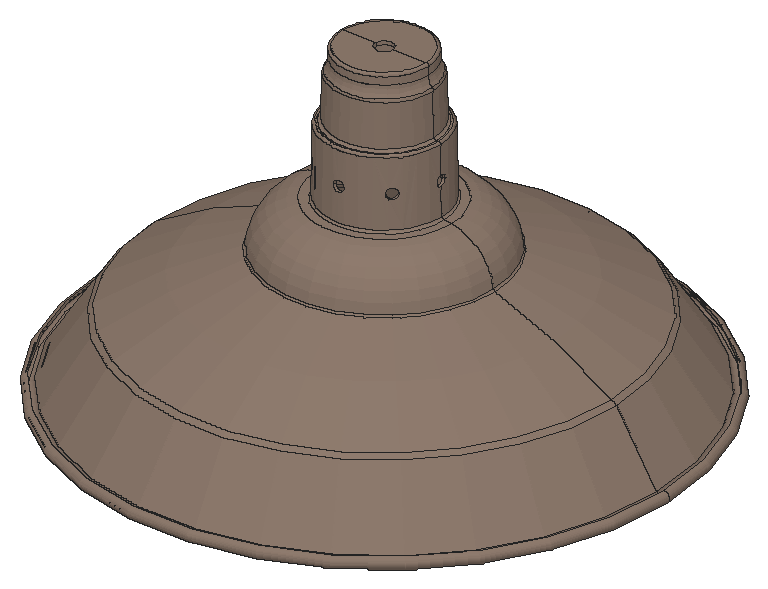
Revit family "VW516", category Generic Models, Revit 2017
Family settings
  Can host rebar = No
  Round Connector Dimension = Use Diameter
  Part Type = Normal
  Work Plane-Based = No
  Always vertical = Yes
  Cut with Voids When Loaded = No
  Shared = No
  Room Calculation Point = No
Parameters
  VW516 = ARCH. BRNZ.
Reference planes (in)
  plane 1 "Center (Front/Back)": y = 0
  plane 2: z = 0
  plane 3 "Center (Left/Right)": x = 0
Forms (in)
  Revolve 1, solid, material "ARCH. BRNZ." <- "VW516"
    sketch origin (0, 0, 0) x (1, 0, 0) y (0, 0, 1)
      loop
        line (-0.25, 15.8239) -> (-1.18372, 15.8239)
        arc (-1.18372, 15.8239) -> (-1.23126, 15.80678) -> (-1.25276, 15.76106) r 0.066
        line (-1.25276, 15.76106) -> (-1.25276, 15.549)
        arc (-1.25276, 15.549) -> (-1.27804, 15.38964) -> (-1.35068, 15.24556) r 0.52326
        arc (-1.35068, 15.24556) -> (-1.36909, 15.2064) -> (-1.37844, 15.16415) r 0.19559
        line (-1.37844, 15.16415) -> (-1.402, 14.00958)
        arc (-1.402, 14.00958) -> (-1.42732, 13.96227) -> (-1.47868, 13.94674) r 0.07009
        line (-1.47868, 13.94674) -> (-1.53551, 13.94674)
        arc (-1.53551, 13.94674) -> (-1.57879, 13.92998) -> (-1.59828, 13.88786) r 0.06194
        line (-1.59828, 13.88786) -> (-1.62976, 12.06957)
        arc (-1.62976, 12.06957) -> (-1.6472, 12.02936) -> (-1.68475, 12.00675) r 0.07189
        line (-1.68475, 12.00675) -> (-1.91251, 11.99104)
        arc (-1.91251, 11.99104) -> (-2.71958, 11.57269) -> (-3.09059, 10.74279) r 1.37822
        arc (-3.09059, 10.74279) -> (-3.10521, 10.7074) -> (-3.13777, 10.68724) r 0.06231
        arc (-3.13777, 10.68724) -> (-4.84903, 10.01223) -> (-6.4601, 9.12424) r 14.37816
        arc (-6.4601, 9.12424) -> (-6.52497, 9.0675) -> (-6.58578, 9.00643) r 1.25179
        arc (-6.58578, 9.00643) -> (-7.19523, 8.1374) -> (-7.7482, 7.23138) r 16.68919
        arc (-7.7482, 7.23138) -> (-7.80097, 7.12069) -> (-7.91448, 7.07429) r 0.17001
        arc (-7.91448, 7.07429) -> (-7.99627, 7.14958) -> (-7.92099, 7.23138) r 0.07861
        line (-7.92099, 7.23138) -> (-7.92099, 7.31142)
        arc (-7.92099, 7.31142) -> (-8.07628, 7.14841) -> (-7.91214, 6.99432) r 0.15861
        arc (-7.91214, 6.99432) -> (-7.75296, 7.05623) -> (-7.67068, 7.20589) r 0.25001
        arc (-7.67068, 7.20589) -> (-7.12507, 8.09851) -> (-6.52435, 8.955) r 16.60919
        arc (-6.52435, 8.955) -> (-6.47042, 9.00898) -> (-6.41309, 9.05934) r 1.17179
        arc (-6.41309, 9.05934) -> (-4.81383, 9.94038) -> (-3.11534, 10.61042) r 14.29816
        arc (-3.11534, 10.61042) -> (-3.04324, 10.65681) -> (-3.01087, 10.7362) r 0.14231
        arc (-3.01087, 10.7362) -> (-2.66234, 11.51678) -> (-1.90403, 11.91143) r 1.29822
        line (-1.90403, 11.91143) -> (-1.67393, 11.92731)
        arc (-1.67393, 11.92731) -> (-1.58829, 11.97522) -> (-1.54982, 12.06551) r 0.15189
        line (-1.54982, 12.06551) -> (-1.51863, 13.86674) -> (-1.4819, 13.86674)
        arc (-1.4819, 13.86674) -> (-1.37339, 13.90311) -> (-1.32207, 14.0054) r 0.15009
        line (-1.32207, 14.0054) -> (-1.29854, 15.1586)
        arc (-1.29854, 15.1586) -> (-1.29327, 15.18087) -> (-1.28372, 15.20168) r 0.11559
        arc (-1.28372, 15.20168) -> (-1.20138, 15.36671) -> (-1.17276, 15.5489) r 0.60326
        line (-1.17276, 15.5489) -> (-1.17276, 15.7439) -> (-0.25, 15.7439) -> (-0.25, 15.8239)
      axis (0, 15.8239) -> (0, 6.99432)
    angle from 0 to 360
  Extrusion 2, void
    sketch origin (0, 0, 0) x (1, 0, 0) y (0, 0, 1)
      loop
        circle (0, 12.97872) r 0.15742
    from 1.49506 to 1.661
  Extrusion 3, void
    sketch origin (0, 0, 0) x (1, 0, 0) y (0, 0, -1)
      loop
        circle (0, -12.97872) r 0.15742
    from 1.49506 to 1.661
  Extrusion 4, void
    sketch origin (0, 0, 0) x (0.707107, -0.707107, 0) y (0, 0, 1)
      loop
        circle (0, 12.97872) r 0.15742
    from 1.49506 to 1.661
  Extrusion 5, void
    sketch origin (0, 0, 0) x (0.707107, -0.707107, 0) y (0, 0, -1)
      loop
        circle (0, -12.97872) r 0.15742
    from 1.49506 to 1.661
  Extrusion 6, void
    sketch origin (0, 0, 0) x (0, -1, 0) y (0, 0, 1)
      loop
        circle (0, 12.97872) r 0.15742
    from 1.49506 to 1.661
  Extrusion 7, void
    sketch origin (0, 0, 0) x (0, -1, 0) y (0, 0, -1)
      loop
        circle (0, -12.97872) r 0.15742
    from 1.49506 to 1.661
  Extrusion 8, void
    sketch origin (0, 0, 0) x (-0.707107, -0.707107, 0) y (0, 0, 1)
      loop
        circle (0, 12.97872) r 0.15742
    from 1.49506 to 1.661
  Extrusion 9, void
    sketch origin (0, 0, 0) x (-0.707107, -0.707107, 0) y (0, 0, -1)
      loop
        circle (0, -12.97872) r 0.15742
    from 1.49506 to 1.661
Cuts and joins
  Extrusion 2, Extrusion 3, Extrusion 4, Extrusion 5, Extrusion 6, Extrusion 7, Extrusion 8, Extrusion 9 cuts Revolve 1
Dimensions and locks (in)
  aligned and locked: plane 2 to level
